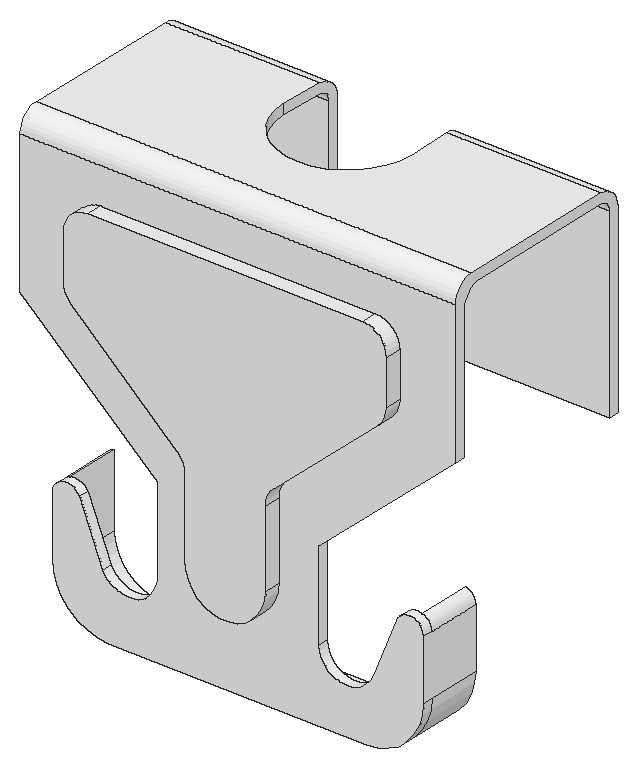
Revit family "特殊19mmSクリップ", category 機械設備, Revit 2020
Family settings
  丸型コネクタ寸法 = 直径を使用
  種別 = なし
  パーツ タイプ = 標準
  作業面ベース = いいえ
  常に垂直 = はい
  ロード時にボイドで切り取り = いいえ
  共有 = いいえ
  部屋計算ポイント = いいえ
Parameters
  製造元 = "株式会社桐井製作所"
  既定の高さ = 0 mm
  URL = "https://www.kirii.co.jp/"
  K_品名 = "特殊19mmSクリップ"
  K_名称 = "特殊クリップ"
  K_入数 = "1500"
  K_バージョン情報 = "20211012"
Reference planes
  plane 1 "中心(正面/背面)": y = 0
  plane 2: z = 0
  plane 3 "中心(左/右)": x = 0
Forms (mm)
  Extrusion 1, solid
    sketch origin (0, 30, 0) x (0, 1, 0) y (0, 0, 1)
      loop
        line (-30, 0) -> (-29.4, -0.6) -> (-29.4, 25.75)
        arc (-29.4, 25.75) -> (-29.034, 26.634) -> (-28.15, 27) r 1.25
        line (-28.15, 27) -> (-18.75, 27)
        arc (-18.75, 27) -> (-18.29, 26.81) -> (-18.1, 26.35) r 0.65
        line (-18.1, 26.35) -> (-18.1, 14.25) -> (-17.5, 14.85) -> (-17.5, 26.35)
        arc (-17.5, 26.35) -> (-17.866, 27.234) -> (-18.75, 27.6) r 1.25
        line (-18.75, 27.6) -> (-28.75, 27.6)
        arc (-28.75, 27.6) -> (-29.634, 27.234) -> (-30, 26.35) r 1.25
        line (-30, 26.35) -> (-30, 0)
    from -13.591 to 13.409
  Extrusion 2, void
    sketch origin (0, -0.6, -0.8) x (0, 1, 0) y (0, 0, 1)
      loop
        line (0.387, 0.8) -> (0.387, -0.064) -> (1.428, -0.064) -> (1.428, 0.8) -> (0.387, 0.8)
    from -13.591 to 13.409
  Extrusion 3, solid
    sketch origin (0, 0, 0) x (1, 0, 0) y (0, 0, 1)
      loop
        arc (-11.591, 3.5) -> (-10.566, 1.025) -> (-8.091, 0) r 3.5
        line (-8.091, 0) -> (7.909, 0)
        arc (7.909, 0) -> (10.384, 1.025) -> (11.409, 3.5) r 3.5
        line (11.409, 3.5) -> (11.409, 7.25)
        arc (11.409, 7.25) -> (11.24, 7.724) -> (10.809, 7.985) r 0.75
        line (10.809, 7.985) -> (10.809, 3.5)
        arc (10.809, 3.5) -> (9.96, 1.449) -> (7.909, 0.6) r 2.9
        line (7.909, 0.6) -> (-8.091, 0.6)
        arc (-8.091, 0.6) -> (-10.141, 1.449) -> (-10.991, 3.5) r 2.9
        line (-10.991, 3.5) -> (-10.991, 7.985)
        arc (-10.991, 7.985) -> (-11.422, 7.724) -> (-11.591, 7.25) r 0.75
        line (-11.591, 7.25) -> (-11.591, 3.5)
    from -4 to 0
  Extrusion 4, void
    sketch origin (0, -4.1, -4.895) x (0, 1, 0) y (0, 0, 1)
      loop
        line (15.756, 19.753) -> (15.756, 18.957) -> (16.879, 18.957) -> (16.879, 19.753) -> (15.756, 19.753)
    from -13.591 to 13.409
  Extrusion 5, void
    sketch origin (0, 0, 0) x (1, 0, 0) y (0, 1, 0)
      loop
        arc (-4.091, 8.5) -> (-0.091, 4.5) -> (3.909, 8.5) r 4
        line (3.909, 8.5) -> (3.78, 12.5) -> (-3.962, 12.5) -> (-4.091, 8.5)
    from 14.03 to 27.6
  Extrusion 6, void
    sketch origin (0, 0, 0) x (1, 0, 0) y (0, 0, 1)
      loop
        line (-13.591, 17.6) -> (-13.591, 0) -> (-8.091, 0)
        arc (-8.091, 0) -> (-10.566, 1.025) -> (-11.591, 3.5) r 3.5
        line (-11.591, 3.5) -> (-11.591, 7.25)
        arc (-11.591, 7.25) -> (-10.847, 7.999) -> (-9.902, 7.529) r 0.901
        line (-9.902, 7.529) -> (-8.468, 3.943)
        arc (-8.468, 3.943) -> (-6.578, 3.002) -> (-5.091, 4.5) r 1.803
        line (-5.091, 4.5) -> (-5.091, 10) -> (-13.591, 17.6)
      loop
        line (13.409, 0) -> (13.409, 17.6) -> (4.909, 10) -> (4.909, 4.5)
        arc (4.909, 4.5) -> (6.374, 2.865) -> (8.287, 3.943) r 1.753
        line (8.287, 3.943) -> (9.721, 7.529)
        arc (9.721, 7.529) -> (10.677, 8.068) -> (11.409, 7.25) r 0.876
        line (11.409, 7.25) -> (11.409, 3.5)
        arc (11.409, 3.5) -> (10.384, 1.025) -> (7.909, 0) r 3.5
        line (7.909, 0) -> (13.409, 0)
    from -0.6 to 0.2
  Extrusion 7, solid
    sketch origin (0, 4, 0) x (1, 0, 0) y (0, 0, 1)
      loop
        line (-8.091, 0) -> (7.909, 0)
        arc (7.909, 0) -> (10.384, 1.025) -> (11.409, 3.5) r 3.5
        line (11.409, 3.5) -> (11.409, 7.25)
        arc (11.409, 7.25) -> (11.231, 7.735) -> (10.809, 8.035) r 0.876
        line (10.809, 8.035) -> (10.809, 3.5)
        arc (10.809, 3.5) -> (9.96, 1.449) -> (7.909, 0.6) r 2.9
        line (7.909, 0.6) -> (-8.091, 0.6)
        arc (-8.091, 0.6) -> (-10.141, 1.449) -> (-10.991, 3.5) r 2.9
        line (-10.991, 3.5) -> (-10.991, 7.963)
        arc (-10.991, 7.963) -> (-11.39, 7.69) -> (-11.591, 7.25) r 0.901
        line (-11.591, 7.25) -> (-11.591, 3.5)
        arc (-11.591, 3.5) -> (-10.566, 1.025) -> (-8.091, 0) r 3.5
    from 0 to 4
  Extrusion 8, solid
    sketch origin (0, 0, 0) x (1, 0, 0) y (0, 0, 1)
      loop
        arc (-8.591, 24.1) -> (-9.651, 23.661) -> (-10.091, 22.6) r 1.5
        line (-10.091, 22.6) -> (-10.091, 19.837)
        arc (-10.091, 19.837) -> (-9.96, 19.224) -> (-9.59, 18.718) r 1.5
        line (-9.59, 18.718) -> (-3.091, 12.907)
        arc (-3.091, 12.907) -> (-2.721, 12.401) -> (-2.591, 11.789) r 1.5
        line (-2.591, 11.789) -> (-2.591, 7)
        arc (-2.591, 7) -> (-0.091, 4.5) -> (2.409, 7) r 2.5
        line (2.409, 7) -> (2.409, 11.789)
        arc (2.409, 11.789) -> (2.54, 12.401) -> (2.91, 12.907) r 1.5
        line (2.91, 12.907) -> (9.409, 18.718)
        arc (9.409, 18.718) -> (9.779, 19.224) -> (9.909, 19.837) r 1.5
        line (9.909, 19.837) -> (9.909, 22.6)
        arc (9.909, 22.6) -> (9.47, 23.661) -> (8.409, 24.1) r 1.5
        line (8.409, 24.1) -> (-8.591, 24.1)
    from 0 to 1
Cuts and joins
  Extrusion 2, Extrusion 4, Extrusion 5, Extrusion 6 cuts Extrusion 1
  joined: Extrusion 1, Extrusion 3, Extrusion 7, Extrusion 8
Dimensions and locks
  aligned and locked: level to plane 2
